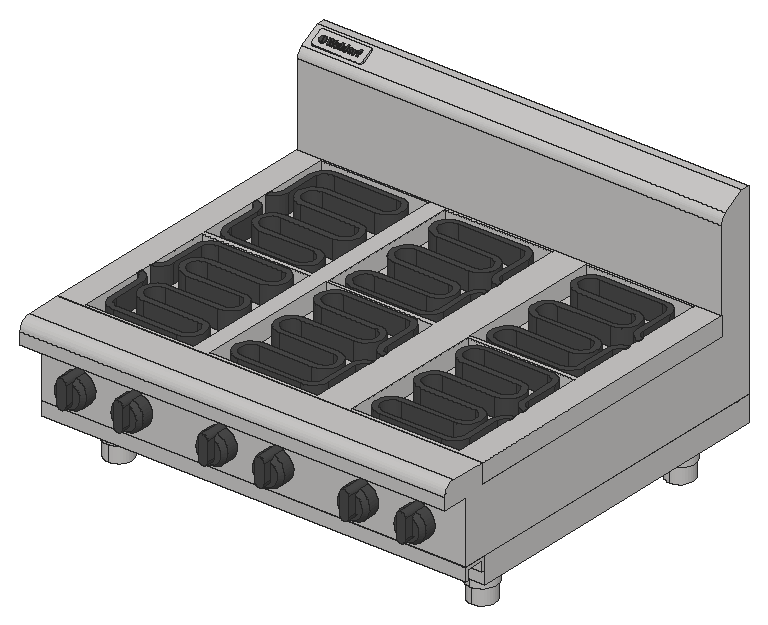
Revit family "QF_MOFFAT WALDORF_RN8600E-B", category Specialty Equipment, Revit 2012 (continued)
Automatic sketch dimensions
  curve 88 to plane 5 "FRONT" = 126.5 mm
  curve 58 to curve 158 = 26.5 mm
  curve 124 to curve 124 = 25.646 mm
  curve 89 to curve 90 = 25.646 mm
  curve 157 to curve 159 = 25.646 mm
  curve 88 to curve 88 = 27.7 mm
  curve 156 to curve 156 = 27.7 mm
  curve 122 to curve 122 = 27.7 mm
  curve 154 to curve 154 = 27.7 mm
  curve 120 to curve 120 = 27.7 mm
  curve 86 to curve 86 = 27.7 mm
  curve 86 to curve 92 = 13.184 mm
  curve 120 to curve 126 = 13.184 mm
  curve 154 to curve 160 = 13.184 mm
  curve 160 to curve 160 = 0.57 mm
  curve 126 to curve 126 = 0.57 mm
  curve 92 to curve 91 = 0.57 mm
  curve 152 to curve 152 = 27.7 mm
  curve 118 to curve 118 = 27.7 mm
  curve 84 to curve 84 = 27.7 mm
  curve 92 to curve 76 = 33.826 mm
  curve 160 to curve 144 = 33.826 mm
  curve 126 to curve 110 = 33.826 mm
  curve 110 to curve 111 = 24.689 mm
  curve 144 to curve 145 = 24.689 mm
  curve 76 to curve 77 = 24.689 mm
  curve 82 to curve 82 = 27.7 mm
  curve 116 to curve 116 = 27.7 mm
  curve 150 to curve 150 = 27.7 mm
  curve 146 to curve 146 = 26.704 mm
  curve 112 to curve 112 = 26.704 mm
  curve 162 to plane 8 "Center X" = 302.5 mm
  curve 163 to plane 8 "Center X" = 302.5 mm
  curve 165 to plane 8 "Center X" = 302.5 mm
  curve 112 to curve 107 = 28.0 mm
  curve 79 to curve 71 = 28.0 mm
  curve 72 to curve 73 = 25.646 mm
  curve 141 to curve 142 = 25.646 mm
  curve 107 to curve 108 = 25.646 mm
  curve 71 to curve 71 = 27.7 mm
  curve 105 to curve 105 = 27.7 mm
  curve 139 to curve 139 = 27.7 mm
  curve 137 to curve 137 = 27.7 mm
  curve 103 to curve 103 = 27.7 mm
  curve 69 to curve 69 = 27.7 mm
  curve 103 to curve 109 = 13.184 mm
  curve 69 to curve 75 = 13.184 mm
  curve 137 to curve 143 = 13.184 mm
  curve 75 to curve 74 = 0.57 mm
  curve 143 to curve 143 = 0.57 mm
  curve 109 to curve 108 = 0.57 mm
  curve 101 to curve 101 = 27.7 mm
  curve 67 to curve 67 = 27.7 mm
  curve 135 to curve 135 = 27.7 mm
  curve 75 to curve 59 = 33.826 mm
  curve 109 to curve 93 = 33.826 mm
  curve 143 to curve 127 = 33.826 mm
  curve 127 to curve 128 = 24.689 mm
  curve 59 to curve 60 = 24.689 mm
  curve 93 to curve 94 = 24.689 mm
  curve 99 to curve 99 = 27.7 mm
  curve 65 to curve 65 = 27.7 mm
  curve 133 to curve 133 = 27.7 mm
  curve 98 to curve 97 = 27.7 mm
  curve 132 to curve 131 = 27.7 mm
  curve 64 to curve 63 = 27.7 mm
  curve 61 to curve 62 = 26.704 mm
  curve 95 to curve 95 = 26.704 mm
  curve 129 to curve 129 = 26.704 mm
  curve 129 to curve 166 = 52.146 mm
  curve 95 to curve 164 = 26.5 mm
  curve 130 to curve 165 = 26.5 mm
  curve 57 to curve 161 = 0.0 mm
  curve 57 to curve 1 = 17.94 mm
  plane 1 "BACK" to curve 28 = 50.782 mm
  plane 1 "BACK" to curve 52 = 50.782 mm
  curve 2 to curve 5 = 1.278 mm
  curve 27 to curve 29 = 0.0 mm
  curve 7 to curve 9 = 0.0 mm
  curve 31 to curve 33 = 0.0 mm
  curve 10 to curve 13 = 0.0 mm
  curve 164 to curve 37 = 19.218 mm
  curve 163 to curve 17 = 19.218 mm
  curve 165 to curve 41 = 19.218 mm
  curve 18 to curve 21 = 0.0 mm
  curve 43 to curve 45 = 0.0 mm
  plane 1 "BACK" to curve 2 = 21.099 mm
  plane 1 "BACK" to curve 23 = 20.984 mm
  plane 1 "BACK" to curve 46 = 20.984 mm
  plane 1 "BACK" to curve 43 = 20.984 mm
  plane 1 "BACK" to curve 20 = 20.984 mm
  plane 1 "BACK" to curve 39 = 20.984 mm
  plane 1 "BACK" to curve 16 = 20.984 mm
  plane 1 "BACK" to curve 36 = 20.984 mm
  plane 1 "BACK" to curve 12 = 20.984 mm
  plane 1 "BACK" to curve 31 = 20.984 mm
  plane 1 "BACK" to curve 25 = 20.984 mm
  plane 1 "BACK" to curve 7 = 20.984 mm
  plane 1 "BACK" to curve 50 = 20.984 mm
  plane 8 "Center X" to curve 167 = 15.0 mm
  plane 8 "Center X" to curve 168 = 15.0 mm
  plane 8 "Center X" to curve 169 = 15.0 mm
  Extrusion 19 sketch curve to Extrusion 1 = 0.0 mm  (x2)
  Extrusion 1 to Extrusion 19 sketch curve = 0.0 mm
  Extrusion 19 sketch curve to Extrusion 1 = 6.75 mm  (x3)
  Extrusion 19 sketch curve to Extrusion 19 sketch curve = 306.95 mm
  Extrusion 1 to Extrusion 19 sketch curve = 54.0 mm  (x2)
  Extrusion 19 sketch curve to Extrusion 19 sketch curve = 0.0 mm  (x6)
  Extrusion 19 sketch curve to Extrusion 19 sketch curve = 7.6 mm  (x3)
  Extrusion 1 to Extrusion 19 sketch curve = 6.75 mm  (x3)
  Extrusion 1 to Extrusion 19 sketch curve = 1.0 mm
  Extrusion 19 sketch curve to Extrusion 19 sketch curve = 228.75 mm  (x3)
  Extrusion 19 sketch curve to Extrusion 19 sketch curve = 34.5 mm
  Extrusion 19 sketch curve to Extrusion 19 sketch curve = 71.25 mm  (x2)
  Extrusion 20 sketch curve to Extrusion 20 sketch curve = 0.0 mm  (x104)
  Extrusion 1 to Extrusion 20 sketch curve = 20.503 mm  (x3)
  Extrusion 20 sketch curve to Extrusion 20 sketch curve = 11.997 mm  (x6)
  Extrusion 20 sketch curve to Extrusion 20 sketch curve = 19.532 mm  (x6)
  Extrusion 20 sketch curve to Extrusion 20 sketch curve = 0.24 mm  (x6)
  Extrusion 20 sketch curve to Extrusion 20 sketch curve = 0.931 mm  (x9)
  Extrusion 20 sketch curve to Extrusion 20 sketch curve = 20.704 mm  (x9)
  Extrusion 20 sketch curve to Extrusion 20 sketch curve = 0.01 mm  (x6)
  Extrusion 20 sketch curve to Extrusion 20 sketch curve = 21.7 mm  (x30)
  Extrusion 20 sketch curve to Extrusion 20 sketch curve = 0.002 mm  (x6)
  Extrusion 20 sketch curve to Extrusion 20 sketch curve = 70.811 mm  (x6)
  Extrusion 20 sketch curve to Extrusion 20 sketch curve = 0.447 mm  (x6)
  Extrusion 20 sketch curve to Extrusion 20 sketch curve = 0.12 mm  (x6)
  Extrusion 20 sketch curve to Extrusion 20 sketch curve = 19.01 mm  (x6)
  Extrusion 20 sketch curve to Extrusion 20 sketch curve = 12.303 mm  (x6)
  Extrusion 20 sketch curve to Extrusion 20 sketch curve = 21.593 mm  (x6)
  Extrusion 20 sketch curve to Extrusion 20 sketch curve = 12.315 mm  (x6)
  Extrusion 20 sketch curve to Extrusion 20 sketch curve = 18.52 mm  (x6)
  Extrusion 20 sketch curve to Extrusion 20 sketch curve = 0.133 mm  (x6)
  Extrusion 20 sketch curve to Extrusion 20 sketch curve = 0.5 mm  (x3)
  Extrusion 20 sketch curve to Extrusion 20 sketch curve = 19.152 mm  (x3)
  Extrusion 20 sketch curve to Extrusion 20 sketch curve = 0.239 mm  (x6)
  Extrusion 20 sketch curve to Extrusion 20 sketch curve = 16.003 mm  (x3)
  Extrusion 1 to Extrusion 20 sketch curve = 48.333 mm  (x2)
  Extrusion 1 to Extrusion 20 sketch curve = 48.512 mm  (x2)
  Extrusion 20 sketch curve to Extrusion 20 sketch curve = 0.004 mm  (x2)
  Extrusion 20 sketch curve to Extrusion 20 sketch curve = 5.484 mm  (x2)
  Extrusion 20 sketch curve to Extrusion 20 sketch curve = 5.667 mm  (x2)
  Extrusion 20 sketch curve to Extrusion 20 sketch curve = 20.701 mm  (x4)
  Extrusion 20 sketch curve to Extrusion 20 sketch curve = 0.001 mm  (x6)
  Extrusion 20 sketch curve to Extrusion 20 sketch curve = 41.7 mm  (x2)
  Extrusion 20 sketch curve to Extrusion 20 sketch curve = 20.999 mm
  Extrusion 20 sketch curve to Extrusion 20 sketch curve = 112.6 mm  (x5)
  Extrusion 20 sketch curve to Extrusion 20 sketch curve = 130.8 mm  (x2)
  Extrusion 20 sketch curve to Extrusion 20 sketch curve = 19.862 mm  (x4)
  Extrusion 20 sketch curve to Extrusion 20 sketch curve = 0.032 mm  (x2)
  Extrusion 20 sketch curve to Extrusion 20 sketch curve = 19.894 mm  (x2)
  Extrusion 20 sketch curve to Extrusion 20 sketch curve = 0.226 mm  (x4)
  Extrusion 20 sketch curve to Extrusion 20 sketch curve = 0.258 mm  (x4)
  Extrusion 20 sketch curve to Extrusion 20 sketch curve = 0.879 mm  (x8)
  Extrusion 20 sketch curve to Extrusion 20 sketch curve = 14.293 mm
  Extrusion 20 sketch curve to Extrusion 20 sketch curve = 133.7 mm
  Extrusion 20 sketch curve to Extrusion 20 sketch curve = 133.693 mm  (x2)
  radius of Extrusion 6 sketch curve = 13.5 mm
Nested families
  nested 1: "WALDORF LOGO" at (12.5, -36.099, 502.127), visible <- "Show Logo", type "WALDORF LOGO", detail levels medium+fine
    with Type Mark "", Status "", Specification by User "", Show Logo yes, Revision Code "", Item Number "", Installed By "", Identify Quantity as Lot yes, Furnished By "", Foodservice Equipment Identifier yes
Connectors
  electrical at (770, -32, 110), driven by "Volts", driven by "Watts"
    settings: on cut or joined group of Extrusion 1, Extrusion 6, index 1, voltage 415 V, apparent load 14400 VA, apparent load phase1 0 VA, apparent load phase2 0 VA, apparent load phase3 0 VA, power factor 1, load classification "Other", number of poles 1, system type 30, power factor state 1, is connector primary yes, connector utility no, sub classification motor no, connector description "ELECTRICAL CONNECTION"
Definition of nested family "WALDORF LOGO"
  Parameters (values of type "BT8300-CB-LOGO")
    Weight in Pounds = 0
    URL Cutsheet = ""
    Type Mark [instance] = ""
    Status [instance] = ""
    Specification by User [instance] = ""
    Specification by Manufacturer = ""
    Show Logo [instance] = yes
    Serial Number = ""
    Seismic Rating = ""
    SMACNA No = ""
    Revision Code [instance] = ""
    Omniclass Number and Title = ""
    NAFEM Spec ID Number = ""
    Masterspec = ""
    Item Number [instance] = ""
    Installed By [instance] = ""
    Identify Quantity as Lot [instance] = yes
    Furnished By [instance] = ""
    Foodservice Equipment Identifier [instance] = yes
    CSI MasterFormat = ""
    CSI Master Format = ""
  Reference planes
    plane 1 "BACK": y = 0
    plane 2: z = 0
    plane 3 "LEFT": x = 0
    plane 4 "RIGHT": x = 109
    plane 5 "FRONT": y = -1.588
    plane 6 "TOP": z = 34.14
    plane 7 "Center Y": x = 54.5
    plane 8 "Center X": y = -0.794
  Forms (mm)
    Extrusion 1, solid, material "QF_Finishes_Stainless Steel", visible <- "Show Logo"
      sketch origin (0, -15.16, 7.701) x (1, 0, 0) y (0, 0.863373, 0.504566)
        loop
          arc (5, 34.14) -> (1.464, 32.676) -> (0, 29.14) r 5
          line (0, 29.14) -> (0, 5)
          arc (0, 5) -> (1.464, 1.464) -> (5, 0) r 5
          line (5, 0) -> (104, 0)
          arc (104, 0) -> (107.536, 1.464) -> (109, 5) r 5
          line (109, 5) -> (109, 29.14)
          arc (109, 29.14) -> (107.536, 32.676) -> (104, 34.14) r 5
          line (104, 34.14) -> (5, 34.14)
      from 0 to 1.588
    Extrusion 2, solid, material "QF_Finishes_Black", visible <- "Show Logo"
      sketch origin (0, -15.961, 9.072) x (1, 0, 0) y (0, 0.863373, 0.504566)
        loop
          line (24.772, 23.214) -> (27.992, 10.301) -> (31.551, 10.301) -> (33.443, 17.364) -> (35.205, 10.301) -> (39.332, 10.301) -> (42.077, 23.214) -> (38.352, 23.214) -> (36.676, 15.33) -> (35, 23.214) -> (31.752, 23.214) -> (30.076, 15.33) -> (28.4, 23.214) -> (24.772, 23.214)
        loop
          line (42.272, 17.055) -> (45.703, 17.055)
          spline (45.703, 17.055) -> (45.741, 17.285) -> (45.852, 17.499) -> (46.028, 17.682) -> (46.258, 17.823) -> (46.526, 17.912) -> (46.813, 17.942) -> (47.1, 17.912) -> (47.368, 17.823) -> (47.597, 17.682) -> (47.774, 17.499) -> (47.884, 17.285) -> (47.922, 17.055)
          line (47.922, 17.055) -> (47.922, 16.222)
          arc (47.922, 16.222) -> (45.742, 16.014) -> (43.665, 15.317) r 9.604
          arc (43.665, 15.317) -> (41.924, 12.809) -> (43.665, 10.301) r 2.677
          arc (43.665, 10.301) -> (45.527, 10.353) -> (47.332, 10.816) r 8.365
          line (47.332, 10.816) -> (48.092, 11.105) -> (48.092, 10.301) -> (51.817, 10.301) -> (51.817, 17.055)
          spline (51.817, 17.055) -> (51.654, 17.821) -> (51.178, 18.535) -> (50.419, 19.148) -> (49.431, 19.619) -> (48.28, 19.914) -> (47.044, 20.015) -> (45.809, 19.914) -> (44.658, 19.619) -> (43.67, 19.148) -> (42.911, 18.535) -> (42.434, 17.821) -> (42.272, 17.055)
        loop
          line (53.151, 23.214) -> (53.151, 10.301) -> (57.37, 10.301) -> (57.37, 23.214) -> (53.151, 23.214)
        loop
          line (64.874, 23.214) -> (64.874, 18.857)
          arc (64.874, 18.857) -> (58.083, 15.11) -> (64.874, 11.363) r 4.429
          line (64.874, 11.363) -> (64.874, 10.301) -> (68.378, 10.301) -> (68.378, 23.214) -> (64.874, 23.214)
        loop
          arc (64.874, 16.083) -> (61.41, 14.987) -> (64.874, 13.891) r 1.905
          line (64.874, 13.891) -> (64.874, 16.083)
        loop
          circle (74.623, 15.223) r 5
        loop
          spline (74.623, 17.856) -> (74.355, 17.766) -> (74.105, 17.503) -> (73.891, 17.084) -> (73.726, 16.539) -> (73.623, 15.904) -> (73.588, 15.223) -> (73.623, 14.541) -> (73.726, 13.906) -> (73.891, 13.361) -> (74.105, 12.942) -> (74.355, 12.679) -> (74.623, 12.59)
          spline (74.623, 12.59) -> (74.891, 12.679) -> (75.141, 12.942) -> (75.355, 13.361) -> (75.52, 13.906) -> (75.623, 14.541) -> (75.659, 15.223) -> (75.623, 15.904) -> (75.52, 16.539) -> (75.355, 17.084) -> (75.141, 17.503) -> (74.891, 17.766) -> (74.623, 17.856)
        loop
          line (81.255, 19.813) -> (81.255, 10.301) -> (84.834, 10.301) -> (84.834, 14.176)
          arc (84.834, 14.176) -> (85.854, 16.093) -> (88.013, 16.32) r 2.313
          line (88.013, 16.32) -> (88.013, 19.813) -> (87.161, 19.813)
          arc (87.161, 19.813) -> (85.526, 19.266) -> (84.549, 17.844) r 2.717
          line (84.549, 17.844) -> (84.549, 19.813) -> (81.255, 19.813)
        loop
          line (90.249, 19.813) -> (88.91, 19.813) -> (88.91, 17.614) -> (90.249, 17.614) -> (90.249, 10.301) -> (93.998, 10.301) -> (93.998, 17.614) -> (95.418, 17.614) -> (95.418, 19.813) -> (93.998, 19.813)
          arc (93.998, 19.813) -> (94.414, 20.817) -> (95.418, 21.233) r 1.42
          line (95.418, 21.233) -> (95.418, 23.602) -> (93.317, 23.602)
          arc (93.317, 23.602) -> (91.343, 22.903) -> (90.249, 21.118) r 3.137
          line (90.249, 21.118) -> (90.249, 19.813)
        loop
          arc (15.241, 23.571) -> (8.392, 16.525) -> (15.241, 9.479) r 7.049
          line (15.241, 9.479) -> (15.241, 23.571)
        loop
          line (15.641, 23.571) -> (15.641, 9.479)
          arc (15.641, 9.479) -> (22.49, 16.525) -> (15.641, 23.571) r 7.049
        loop
          arc (47.922, 14.711) -> (46.266, 13.749) -> (47.922, 12.787) r 1.107
          line (47.922, 12.787) -> (47.922, 14.711)
      from 0 to 0.2
  Dimensions and locks
    equal spacing: plane 3 "LEFT", plane 7 "Center Y", plane 4 "RIGHT"
    plane 3 "LEFT" to plane 4 "RIGHT" = 109.0 mm
    equal spacing: plane 5 "FRONT", plane 8 "Center X", plane 1 "BACK"
    plane 5 "FRONT" to plane 1 "BACK" = 1.588 mm
    aligned and locked: level to plane 2
  Automatic sketch dimensions
    Extrusion 1 sketch curve to plane 3 "LEFT" = 0.0 mm
    Extrusion 1 sketch curve to plane 4 "RIGHT" = 0.0 mm
    plane 3 "LEFT" to Extrusion 1 sketch curve = 5.0 mm  (x2)
    plane 4 "RIGHT" to Extrusion 1 sketch curve = 5.0 mm  (x2)
    Extrusion 1 sketch curve to Extrusion 1 sketch curve = 24.14 mm
    Extrusion 2 sketch curve to Extrusion 2 sketch curve = 0.0 mm  (x14)
    Extrusion 2 sketch curve to Extrusion 1 = 15.241 mm
    Extrusion 2 sketch curve to Extrusion 2 sketch curve = 0.2 mm
    Extrusion 2 sketch curve to Extrusion 2 sketch curve = 0.4 mm
    Extrusion 2 sketch curve to Extrusion 2 sketch curve = 9.131 mm
    Extrusion 2 sketch curve to Extrusion 1 = 10.301 mm  (x2)
    Extrusion 2 sketch curve to Extrusion 2 sketch curve = 12.351 mm
    Extrusion 2 sketch curve to Extrusion 2 sketch curve = 3.628 mm
    Extrusion 2 sketch curve to Extrusion 2 sketch curve = 2.084 mm
    Extrusion 2 sketch curve to Extrusion 2 sketch curve = 3.559 mm
    Extrusion 2 sketch curve to Extrusion 1 = 10.926 mm  (x2)
    Extrusion 2 sketch curve to Extrusion 2 sketch curve = 3.352 mm  (x2)
    Extrusion 2 sketch curve to Extrusion 2 sketch curve = 3.367 mm
    Extrusion 2 sketch curve to Extrusion 2 sketch curve = 3.249 mm
    Extrusion 2 sketch curve to Extrusion 2 sketch curve = 3.654 mm
    Extrusion 2 sketch curve to Extrusion 1 = 15.33 mm
    Extrusion 2 sketch curve to Extrusion 2 sketch curve = 3.233 mm
    Extrusion 2 sketch curve to Extrusion 2 sketch curve = 4.128 mm
    Extrusion 2 sketch curve to Extrusion 2 sketch curve = 3.725 mm
    Extrusion 2 sketch curve to Extrusion 2 sketch curve = 5.596 mm
    Extrusion 2 sketch curve to Extrusion 2 sketch curve = 4.333 mm
    Extrusion 2 sketch curve to Extrusion 2 sketch curve = 1.394 mm
    Extrusion 2 sketch curve to Extrusion 2 sketch curve = 2.092 mm
    Extrusion 2 sketch curve to Extrusion 2 sketch curve = 0.936 mm
    Extrusion 2 sketch curve to Extrusion 2 sketch curve = 1.34 mm
    Extrusion 2 sketch curve to Extrusion 2 sketch curve = 1.109 mm
    Extrusion 2 sketch curve to Extrusion 2 sketch curve = 0.232 mm
    Extrusion 2 sketch curve to Extrusion 2 sketch curve = 2.731 mm
    Extrusion 2 sketch curve to Extrusion 2 sketch curve = 0.549 mm  (x2)
    Extrusion 2 sketch curve to Extrusion 2 sketch curve = 0.407 mm
    Extrusion 2 sketch curve to Extrusion 2 sketch curve = 0.76 mm
    Extrusion 2 sketch curve to Extrusion 2 sketch curve = 1.334 mm
    Extrusion 2 sketch curve to Extrusion 2 sketch curve = 4.219 mm
    Extrusion 2 sketch curve to Extrusion 2 sketch curve = 5.142 mm
    Extrusion 2 sketch curve to Extrusion 2 sketch curve = 0.803 mm
    Extrusion 2 sketch curve to Extrusion 2 sketch curve = 1.558 mm
    Extrusion 2 sketch curve to Extrusion 2 sketch curve = 3.504 mm
    Extrusion 2 sketch curve to Extrusion 2 sketch curve = 6.245 mm
    Extrusion 2 sketch curve to Extrusion 2 sketch curve = 6.632 mm
    Extrusion 2 sketch curve to Extrusion 2 sketch curve = 3.294 mm
    Extrusion 2 sketch curve to Extrusion 2 sketch curve = 3.579 mm
    Extrusion 2 sketch curve to Extrusion 2 sketch curve = 2.313 mm
    Extrusion 2 sketch curve to Extrusion 2 sketch curve = 2.612 mm
    Extrusion 2 sketch curve to Extrusion 2 sketch curve = 0.852 mm
    Extrusion 2 sketch curve to Extrusion 2 sketch curve = 0.897 mm
    Extrusion 2 sketch curve to Extrusion 2 sketch curve = 3.102 mm
    Extrusion 2 sketch curve to Extrusion 2 sketch curve = 1.338 mm
    Extrusion 2 sketch curve to Extrusion 2 sketch curve = 3.068 mm
    Extrusion 2 sketch curve to Extrusion 2 sketch curve = 0.681 mm
    Extrusion 2 sketch curve to Extrusion 2 sketch curve = 3.749 mm
    Extrusion 2 sketch curve to Extrusion 2 sketch curve = 1.42 mm
    Extrusion 2 sketch curve to Extrusion 2 sketch curve = 5.029 mm  (x2)
    Extrusion 2 sketch curve to Extrusion 1 = 9.479 mm
    Extrusion 2 sketch curve to Extrusion 2 sketch curve = 3.681 mm
    Extrusion 2 sketch curve to Extrusion 2 sketch curve = 0.515 mm
    Extrusion 2 sketch curve to Extrusion 2 sketch curve = 0.804 mm
    Extrusion 2 sketch curve to Extrusion 2 sketch curve = 1.062 mm
    Extrusion 2 sketch curve to Extrusion 2 sketch curve = 1.682 mm
    Extrusion 2 sketch curve to Extrusion 2 sketch curve = 2.508 mm
    Extrusion 2 sketch curve to Extrusion 2 sketch curve = 0.962 mm
    Extrusion 2 sketch curve to Extrusion 2 sketch curve = 2.528 mm
    Extrusion 2 sketch curve to Extrusion 2 sketch curve = 3.875 mm
    Extrusion 2 sketch curve to Extrusion 2 sketch curve = 1.096 mm
    Extrusion 2 sketch curve to Extrusion 2 sketch curve = 0.123 mm
    Extrusion 2 sketch curve to Extrusion 2 sketch curve = 4.922 mm
    Extrusion 2 sketch curve to Extrusion 2 sketch curve = 7.046 mm
    Extrusion 2 sketch curve to Extrusion 2 sketch curve = 0.833 mm
    Extrusion 2 sketch curve to Extrusion 2 sketch curve = 0.776 mm
    Extrusion 2 sketch curve to Extrusion 2 sketch curve = 2.034 mm
    Extrusion 2 sketch curve to Extrusion 2 sketch curve = 7.314 mm
    Extrusion 2 sketch curve to Extrusion 2 sketch curve = 1.295 mm
    Extrusion 2 sketch curve to Extrusion 2 sketch curve = 0.749 mm
    Extrusion 2 sketch curve to Extrusion 2 sketch curve = 2.633 mm
    Extrusion 2 sketch curve to Extrusion 2 sketch curve = 2.198 mm  (x2)
    Extrusion 2 sketch curve to Extrusion 2 sketch curve = 1.968 mm
    Extrusion 2 sketch curve to Extrusion 2 sketch curve = 0.653 mm
    Extrusion 2 sketch curve to Extrusion 2 sketch curve = 1.305 mm
    Extrusion 2 sketch curve to Extrusion 2 sketch curve = 4.357 mm
    Extrusion 2 sketch curve to Extrusion 2 sketch curve = 6.159 mm
    radius of Extrusion 2 sketch curve = 5.0 mm
